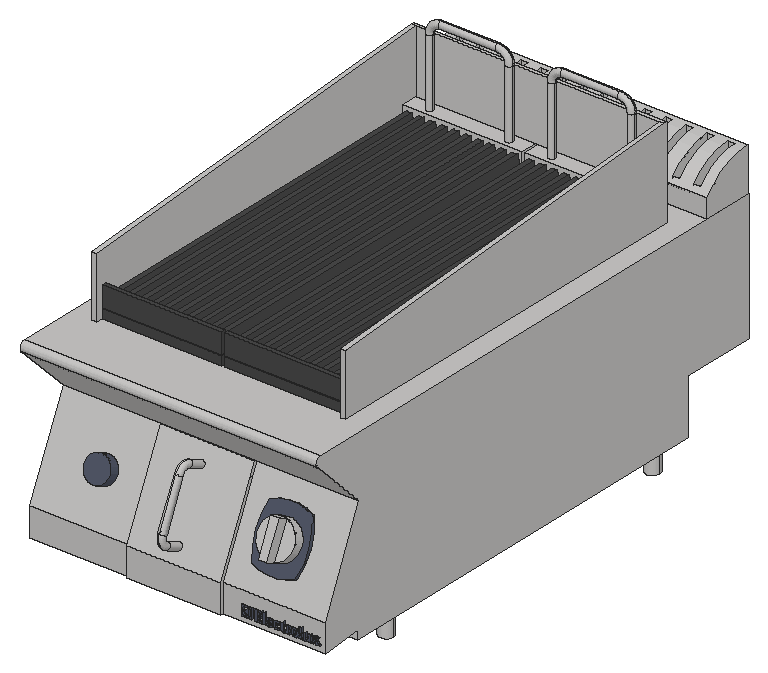
Revit family "QF_ELECTROLUXPROFESSIONAL_371243_E7GRTDGC0P", category Specialty Equipment, Revit 2018 (continued)
Automatic sketch dimensions
  Extrusion 35 sketch curve to Extrusion 35 sketch curve = 3.174 mm
  Extrusion 35 sketch curve to Extrusion 35 sketch curve = 0.388 mm
  Extrusion 35 sketch curve to Extrusion 35 sketch curve = 1.342 mm
  Extrusion 35 sketch curve to plane 4 "RIGHT" = 11.074 mm
  Extrusion 35 sketch curve to Extrusion 35 sketch curve = 1.521 mm
  Extrusion 35 sketch curve to plane 4 "RIGHT" = 9.515 mm
  Extrusion 35 sketch curve to Extrusion 35 sketch curve = 0.124 mm
  Extrusion 35 sketch curve to Extrusion 35 sketch curve = 0.291 mm
  Extrusion 35 sketch curve to Extrusion 35 sketch curve = 1.049 mm  (x2)
  Extrusion 35 sketch curve to Extrusion 35 sketch curve = 1.7 mm
  Extrusion 35 sketch curve to Extrusion 35 sketch curve = 0.894 mm
  Extrusion 35 sketch curve to Extrusion 35 sketch curve = 0.989 mm
  Extrusion 35 sketch curve to Extrusion 35 sketch curve = 1.168 mm
  Extrusion 35 sketch curve to Extrusion 35 sketch curve = 1.594 mm
  Extrusion 35 sketch curve to Extrusion 35 sketch curve = 0.731 mm
  Extrusion 35 sketch curve to Extrusion 35 sketch curve = 1.566 mm
  Extrusion 35 sketch curve to Extrusion 35 sketch curve = 0.064 mm
  Extrusion 35 sketch curve to Extrusion 35 sketch curve = 0.556 mm  (x2)
  Extrusion 35 sketch curve to Extrusion 35 sketch curve = 0.48 mm
  Extrusion 35 sketch curve to Extrusion 35 sketch curve = 1.018 mm
  Extrusion 35 sketch curve to Extrusion 35 sketch curve = 0.787 mm
  Extrusion 35 sketch curve to Extrusion 35 sketch curve = 0.618 mm
  Extrusion 35 sketch curve to Extrusion 35 sketch curve = 1.672 mm
  Extrusion 35 sketch curve to plane 4 "RIGHT" = 7.773 mm
  Extrusion 35 sketch curve to Extrusion 35 sketch curve = 1.361 mm
  Extrusion 35 sketch curve to Extrusion 35 sketch curve = 0.822 mm
  Extrusion 35 sketch curve to Extrusion 35 sketch curve = 0.069 mm
  Extrusion 35 sketch curve to Extrusion 35 sketch curve = 1.88 mm
  Extrusion 35 sketch curve to Extrusion 35 sketch curve = 0.42 mm
  Extrusion 35 sketch curve to Extrusion 35 sketch curve = 0.062 mm
  Extrusion 35 sketch curve to Extrusion 35 sketch curve = 1.355 mm
  Extrusion 35 sketch curve to Extrusion 35 sketch curve = 2.34 mm
  Extrusion 35 sketch curve to Extrusion 35 sketch curve = 0.493 mm
  Extrusion 35 sketch curve to Extrusion 35 sketch curve = 0.136 mm
  Extrusion 35 sketch curve to Extrusion 35 sketch curve = 0.128 mm
  Extrusion 35 sketch curve to Extrusion 35 sketch curve = 3.616 mm
  Extrusion 35 sketch curve to Extrusion 35 sketch curve = 4.207 mm
  Extrusion 35 sketch curve to Extrusion 35 sketch curve = 0.183 mm
  Extrusion 35 sketch curve to Extrusion 35 sketch curve = 0.895 mm
  Extrusion 35 sketch curve to Extrusion 35 sketch curve = 1.314 mm
  Extrusion 35 sketch curve to Extrusion 35 sketch curve = 3.231 mm
  Extrusion 35 sketch curve to Extrusion 35 sketch curve = 1.299 mm
  Extrusion 35 sketch curve to Extrusion 35 sketch curve = 1.214 mm
  Extrusion 35 sketch curve to Extrusion 35 sketch curve = 1.264 mm
  Extrusion 35 sketch curve to Extrusion 35 sketch curve = 0.109 mm
  Extrusion 35 sketch curve to Extrusion 35 sketch curve = 0.357 mm
  Extrusion 35 sketch curve to Extrusion 35 sketch curve = 0.565 mm
  Extrusion 35 sketch curve to Extrusion 35 sketch curve = 2.504 mm
  Extrusion 35 sketch curve to Extrusion 35 sketch curve = 2.459 mm
  Extrusion 35 sketch curve to Extrusion 35 sketch curve = 0.983 mm
  Extrusion 35 sketch curve to Extrusion 35 sketch curve = 0.422 mm  (x2)
  Extrusion 35 sketch curve to Extrusion 35 sketch curve = 0.494 mm
  Extrusion 35 sketch curve to Extrusion 35 sketch curve = 3.927 mm
  Extrusion 35 sketch curve to Extrusion 35 sketch curve = 0.782 mm
  Extrusion 35 sketch curve to Extrusion 35 sketch curve = 1.268 mm
  Extrusion 35 sketch curve to Extrusion 35 sketch curve = 0.671 mm
  Extrusion 35 sketch curve to Extrusion 35 sketch curve = 0.777 mm
  Extrusion 35 sketch curve to Extrusion 35 sketch curve = 0.704 mm
  Extrusion 35 sketch curve to Extrusion 35 sketch curve = 0.781 mm  (x2)
  Extrusion 35 sketch curve to Extrusion 35 sketch curve = 1.634 mm
  Extrusion 35 sketch curve to Extrusion 35 sketch curve = 0.132 mm
  Extrusion 35 sketch curve to Extrusion 35 sketch curve = 3.136 mm
  Extrusion 35 sketch curve to Extrusion 35 sketch curve = 2.422 mm
  Extrusion 35 sketch curve to Extrusion 35 sketch curve = 0.586 mm
  Extrusion 35 sketch curve to Extrusion 35 sketch curve = 2.046 mm  (x2)
  Extrusion 35 sketch curve to Extrusion 35 sketch curve = 1.241 mm
  Extrusion 35 sketch curve to Extrusion 35 sketch curve = 1.689 mm
  Extrusion 35 sketch curve to Extrusion 35 sketch curve = 2.859 mm
  Extrusion 35 sketch curve to Extrusion 35 sketch curve = 0.627 mm
  Extrusion 35 sketch curve to Extrusion 35 sketch curve = 0.863 mm
  Extrusion 35 sketch curve to Extrusion 35 sketch curve = 0.419 mm
  Extrusion 35 sketch curve to Extrusion 35 sketch curve = 1.514 mm
  Extrusion 35 sketch curve to Extrusion 35 sketch curve = 1.019 mm
  Extrusion 35 sketch curve to Extrusion 35 sketch curve = 0.065 mm
  Extrusion 35 sketch curve to Extrusion 35 sketch curve = 1.215 mm
  Extrusion 35 sketch curve to Extrusion 35 sketch curve = 2.708 mm
  Extrusion 35 sketch curve to Extrusion 35 sketch curve = 1.122 mm
  Extrusion 35 sketch curve to Extrusion 35 sketch curve = 1.153 mm
  Extrusion 35 sketch curve to Extrusion 35 sketch curve = 3.009 mm
  Extrusion 35 sketch curve to Extrusion 35 sketch curve = 0.829 mm  (x2)
  Extrusion 35 sketch curve to Extrusion 35 sketch curve = 0.934 mm
  Extrusion 35 sketch curve to Extrusion 35 sketch curve = 3.376 mm
  Extrusion 35 sketch curve to Extrusion 35 sketch curve = 0.222 mm
  Extrusion 35 sketch curve to Extrusion 35 sketch curve = 1.383 mm
  Extrusion 35 sketch curve to Extrusion 35 sketch curve = 1.556 mm
  Extrusion 35 sketch curve to Extrusion 35 sketch curve = 2.559 mm
  Extrusion 35 sketch curve to Extrusion 35 sketch curve = 2.51 mm
  Extrusion 35 sketch curve to Extrusion 35 sketch curve = 0.131 mm
  Extrusion 35 sketch curve to Extrusion 35 sketch curve = 1.717 mm
  Extrusion 35 sketch curve to Extrusion 35 sketch curve = 1.134 mm
  Extrusion 35 sketch curve to Extrusion 35 sketch curve = 0.366 mm
  Extrusion 35 sketch curve to Extrusion 35 sketch curve = 0.094 mm
  Extrusion 35 sketch curve to Extrusion 35 sketch curve = 1.584 mm
  Extrusion 35 sketch curve to Extrusion 35 sketch curve = 1.501 mm
  Extrusion 35 sketch curve to Extrusion 35 sketch curve = 0.27 mm
  Extrusion 35 sketch curve to Extrusion 35 sketch curve = 1.808 mm
  Extrusion 35 sketch curve to Extrusion 35 sketch curve = 0.643 mm
  Extrusion 35 sketch curve to Extrusion 35 sketch curve = 0.916 mm
  Extrusion 35 sketch curve to Extrusion 35 sketch curve = 0.352 mm
  Extrusion 35 sketch curve to Extrusion 35 sketch curve = 0.458 mm
  Extrusion 35 sketch curve to Extrusion 35 sketch curve = 1.282 mm
  Extrusion 35 sketch curve to Extrusion 35 sketch curve = 1.363 mm
  Extrusion 35 sketch curve to Extrusion 35 sketch curve = 0.685 mm
  Extrusion 35 sketch curve to Extrusion 35 sketch curve = 0.905 mm
  Extrusion 35 sketch curve to Extrusion 35 sketch curve = 2.865 mm
  Extrusion 35 sketch curve to Extrusion 35 sketch curve = 0.472 mm
  Extrusion 35 sketch curve to Extrusion 35 sketch curve = 0.101 mm
  Extrusion 35 sketch curve to Extrusion 35 sketch curve = 0.54 mm
  Extrusion 35 sketch curve to Extrusion 35 sketch curve = 0.02 mm
  Extrusion 35 sketch curve to Extrusion 35 sketch curve = 0.468 mm
  Extrusion 35 sketch curve to Extrusion 35 sketch curve = 0.582 mm
  Extrusion 35 sketch curve to Extrusion 35 sketch curve = 0.166 mm
  Extrusion 35 sketch curve to Extrusion 35 sketch curve = 0.16 mm
  Extrusion 35 sketch curve to Extrusion 35 sketch curve = 2.781 mm
  Extrusion 35 sketch curve to Extrusion 35 sketch curve = 1.118 mm
  Extrusion 35 sketch curve to Extrusion 35 sketch curve = 0.613 mm
  Extrusion 35 sketch curve to Extrusion 35 sketch curve = 0.361 mm
  Extrusion 35 sketch curve to Extrusion 35 sketch curve = 0.897 mm
  Extrusion 35 sketch curve to Extrusion 35 sketch curve = 0.167 mm
  Extrusion 35 sketch curve to Extrusion 35 sketch curve = 0.292 mm
  Extrusion 35 sketch curve to Extrusion 35 sketch curve = 0.305 mm
  Extrusion 35 sketch curve to Extrusion 35 sketch curve = 1.557 mm
  Extrusion 35 sketch curve to Extrusion 35 sketch curve = 2.499 mm
  Extrusion 35 sketch curve to Extrusion 35 sketch curve = 3.062 mm
  Extrusion 35 sketch curve to Extrusion 35 sketch curve = 2.968 mm
  Extrusion 35 sketch curve to Extrusion 35 sketch curve = 5.044 mm
  Extrusion 35 sketch curve to Extrusion 35 sketch curve = 0.629 mm  (x2)
  Extrusion 35 sketch curve to Extrusion 35 sketch curve = 1.131 mm
  Extrusion 35 sketch curve to Extrusion 35 sketch curve = 0.137 mm
  Extrusion 35 sketch curve to Extrusion 35 sketch curve = 0.027 mm
  Extrusion 35 sketch curve to Extrusion 35 sketch curve = 2.235 mm
  radius of Sweep 8 sketch curve = 4.572 mm
  radius of Sweep 10 sketch curve = 4.572 mm
  radius of Extrusion 2 sketch curve = 9.525 mm  (x4)
  radius of Extrusion 3 sketch curve = 6.35 mm
  radius of Extrusion 11 sketch curve = 17.8 mm
  radius of Sweep 16 sketch curve = 4.572 mm
  radius of Extrusion 33 sketch curve = 25.4 mm
  radius of Extrusion 34 sketch curve to Extrusion 33 = 0 mm  (x2)
Nested families
  nested 1: "371042_QF_Electrolux_GRILL" at (39.571, -130.285, 287.338), type "371042_QF_Electrolux_GRILL"
    with Type Mark "", Specification by User "", Revision Code "", Item Number "", Installed By "", Identify Quantity as Lot yes, Furnished By "", Foodservice Equipment Identifier yes
  nested 2: "371042_QF_Electrolux_GRILL" at (182.846, -130.285, 287.338), type "371042_QF_Electrolux_GRILL"
    with Type Mark "", Specification by User "", Revision Code "", Item Number "", Installed By "", Identify Quantity as Lot yes, Furnished By "", Foodservice Equipment Identifier yes
  nested 3: "371042_QF_Electrolux_GRILL" at (55.49, -130.285, 287.338), type "371042_QF_Electrolux_GRILL"
    with Type Mark "", Specification by User "", Revision Code "", Item Number "", Installed By "", Identify Quantity as Lot yes, Furnished By "", Foodservice Equipment Identifier yes
  nested 4: "371042_QF_Electrolux_GRILL" at (71.409, -130.285, 287.338), type "371042_QF_Electrolux_GRILL"
    with Type Mark "", Specification by User "", Revision Code "", Item Number "", Installed By "", Identify Quantity as Lot yes, Furnished By "", Foodservice Equipment Identifier yes
  nested 5: "371042_QF_Electrolux_GRILL" at (87.329, -130.285, 287.338), type "371042_QF_Electrolux_GRILL"
    with Type Mark "", Specification by User "", Revision Code "", Item Number "", Installed By "", Identify Quantity as Lot yes, Furnished By "", Foodservice Equipment Identifier yes
  nested 6: "371042_QF_Electrolux_GRILL" at (103.248, -130.285, 287.338), type "371042_QF_Electrolux_GRILL"
    with Type Mark "", Specification by User "", Revision Code "", Item Number "", Installed By "", Identify Quantity as Lot yes, Furnished By "", Foodservice Equipment Identifier yes
  nested 7: "371042_QF_Electrolux_GRILL" at (119.168, -130.285, 287.338), type "371042_QF_Electrolux_GRILL"
    with Type Mark "", Specification by User "", Revision Code "", Item Number "", Installed By "", Identify Quantity as Lot yes, Furnished By "", Foodservice Equipment Identifier yes
  nested 8: "371042_QF_Electrolux_GRILL" at (135.087, -130.285, 287.338), type "371042_QF_Electrolux_GRILL"
    with Type Mark "", Specification by User "", Revision Code "", Item Number "", Installed By "", Identify Quantity as Lot yes, Furnished By "", Foodservice Equipment Identifier yes
  nested 9: "371042_QF_Electrolux_GRILL" at (151.007, -130.285, 287.338), type "371042_QF_Electrolux_GRILL"
    with Type Mark "", Specification by User "", Revision Code "", Item Number "", Installed By "", Identify Quantity as Lot yes, Furnished By "", Foodservice Equipment Identifier yes
  nested 10: "371042_QF_Electrolux_GRILL" at (166.926, -130.285, 287.338), type "371042_QF_Electrolux_GRILL"
    with Type Mark "", Specification by User "", Revision Code "", Item Number "", Installed By "", Identify Quantity as Lot yes, Furnished By "", Foodservice Equipment Identifier yes
  nested 11: "371042_QF_Electrolux_GRILL" at (204.571, -130.285, 287.338), type "371042_QF_Electrolux_GRILL"
    with Type Mark "", Specification by User "", Revision Code "", Item Number "", Installed By "", Identify Quantity as Lot yes, Furnished By "", Foodservice Equipment Identifier yes
  nested 12: "371042_QF_Electrolux_GRILL" at (347.846, -130.285, 287.338), type "371042_QF_Electrolux_GRILL"
    with Type Mark "", Specification by User "", Revision Code "", Item Number "", Installed By "", Identify Quantity as Lot yes, Furnished By "", Foodservice Equipment Identifier yes
  nested 13: "371042_QF_Electrolux_GRILL" at (220.49, -130.285, 287.338), type "371042_QF_Electrolux_GRILL"
    with Type Mark "", Specification by User "", Revision Code "", Item Number "", Installed By "", Identify Quantity as Lot yes, Furnished By "", Foodservice Equipment Identifier yes
  nested 14: "371042_QF_Electrolux_GRILL" at (236.409, -130.285, 287.338), type "371042_QF_Electrolux_GRILL"
    with Type Mark "", Specification by User "", Revision Code "", Item Number "", Installed By "", Identify Quantity as Lot yes, Furnished By "", Foodservice Equipment Identifier yes
  nested 15: "371042_QF_Electrolux_GRILL" at (252.329, -130.285, 287.338), type "371042_QF_Electrolux_GRILL"
    with Type Mark "", Specification by User "", Revision Code "", Item Number "", Installed By "", Identify Quantity as Lot yes, Furnished By "", Foodservice Equipment Identifier yes
  nested 16: "371042_QF_Electrolux_GRILL" at (268.248, -130.285, 287.338), type "371042_QF_Electrolux_GRILL"
    with Type Mark "", Specification by User "", Revision Code "", Item Number "", Installed By "", Identify Quantity as Lot yes, Furnished By "", Foodservice Equipment Identifier yes
  nested 17: "371042_QF_Electrolux_GRILL" at (284.168, -130.285, 287.338), type "371042_QF_Electrolux_GRILL"
    with Type Mark "", Specification by User "", Revision Code "", Item Number "", Installed By "", Identify Quantity as Lot yes, Furnished By "", Foodservice Equipment Identifier yes
  nested 18: "371042_QF_Electrolux_GRILL" at (300.087, -130.285, 287.338), type "371042_QF_Electrolux_GRILL"
    with Type Mark "", Specification by User "", Revision Code "", Item Number "", Installed By "", Identify Quantity as Lot yes, Furnished By "", Foodservice Equipment Identifier yes
  nested 19: "371042_QF_Electrolux_GRILL" at (316.007, -130.285, 287.338), type "371042_QF_Electrolux_GRILL"
    with Type Mark "", Specification by User "", Revision Code "", Item Number "", Installed By "", Identify Quantity as Lot yes, Furnished By "", Foodservice Equipment Identifier yes
  nested 20: "371042_QF_Electrolux_GRILL" at (331.926, -130.285, 287.338), type "371042_QF_Electrolux_GRILL"
    with Type Mark "", Specification by User "", Revision Code "", Item Number "", Installed By "", Identify Quantity as Lot yes, Furnished By "", Foodservice Equipment Identifier yes
Connectors
  piping at (347.713, -98.425, 57.718), diameter 12.7, driven by "Gas Size"
    settings: on Extrusion 3, index 2, connector inside diameter 1/2", connector length 0 mm, flow factor 0, pipe flow 0 GPM, pressure drop 0.00 psi, fitting loss kfactor 0, connector angle 0.00°, fixture units 0, engagement length 0 mm, angle of deflection 0.00°, flow configuration 1, flow direction 1, fitting loss method 0, system type 7, joint type 0, gender type 0, connector reference index -1, connector utility 0, adjustable connector no, is connector primary yes, connector description "Gas Connection"
Definition of nested family "371042_QF_Electrolux_GRILL"
  Parameters
    Weight in Pounds = 0
    URL Cutsheet = ""
    URL = ""
    Type Mark [instance] = ""
    Specification by User [instance] = ""
    Specification by Manufacturer = ""
    Serial Number = ""
    Seismic Rating = ""
    SMACNA No = ""
    Revision Code [instance] = ""
    Omniclass Number and Title = ""
    NAFEM Spec ID Number = ""
    Model = ""
    Masterspec = ""
    Manufacturer = ""
    Item Number [instance] = ""
    Installed By [instance] = ""
    Identify Quantity as Lot [instance] = yes
    Furnished By [instance] = ""
    Foodservice Equipment Identifier [instance] = yes
    Description = ""
    CSI MasterFormat = ""
    CSI Master Format = ""
    Assembly Code = ""
  Reference planes
    plane 1 "BACK": y = 0
    plane 2: z = 0
    plane 3 "LEFT": x = 0
    plane 4 "RIGHT": x = 12.7
    plane 5 "FRONT": y = -501.68
    plane 6 "TOP": z = 19.576
    plane 7 "Center Y": x = 6.35
    plane 8 "Center X": y = -250.84
    plane 9: y = -147.637
  Forms (mm)
    Extrusion 1, solid
      sketch origin (-1.421, -501.68, -12.7) x (1, 0, 0) y (0, 0, 1)
        loop
          line (1.421, 12.7) -> (14.121, 12.7) -> (11.081, 32.276) -> (4.46, 32.276) -> (1.421, 12.7)
      from 0 to -501.68
  Dimensions and locks
    equal spacing: plane 3 "LEFT", plane 7 "Center Y", plane 4 "RIGHT"
    plane 3 "LEFT" to plane 4 "RIGHT" = 12.7 mm
    equal spacing: plane 5 "FRONT", plane 8 "Center X", plane 1 "BACK"
    plane 5 "FRONT" to plane 1 "BACK" = 501.68 mm
    plane 6 "TOP" to level = 19.576 mm
    plane 1 "BACK" to plane 5 "FRONT" = 501.68 mm
    aligned and locked: level to plane 2
  Automatic sketch dimensions
    Extrusion 1 sketch curve to level = 0 mm
    Extrusion 1 sketch curve to plane 3 "LEFT" = 0 mm
    Extrusion 1 sketch curve to plane 6 "TOP" = 0 mm
    Extrusion 1 sketch curve to plane 4 "RIGHT" = 0 mm
    plane 3 "LEFT" to Extrusion 1 sketch curve = 3.039 mm
    Extrusion 1 sketch curve to plane 4 "RIGHT" = 3.039 mm
